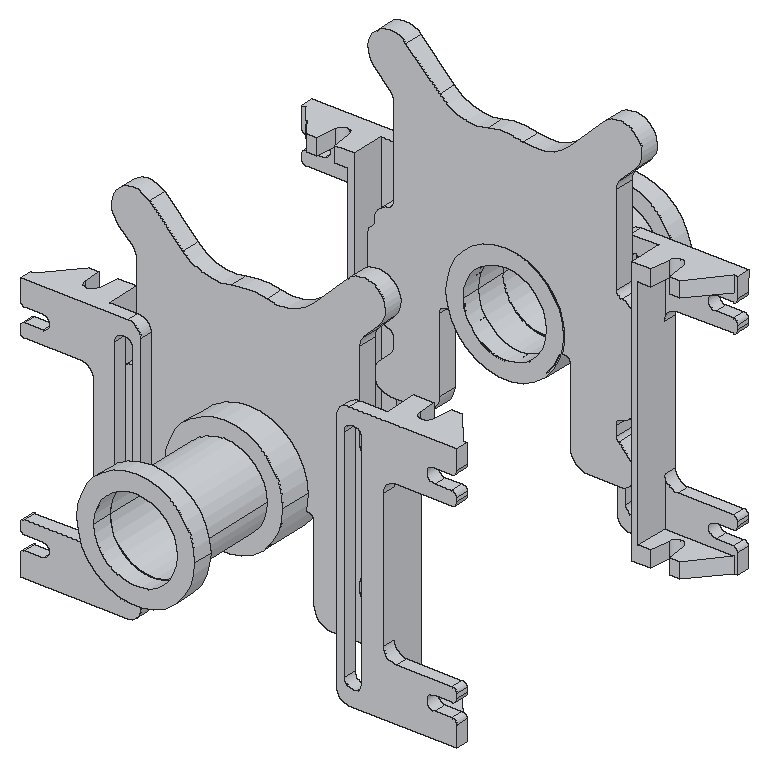
Revit family "Zurn Carrier - ZN1201-ND4", category Plumbing Fixtures, host Face, Revit 2017
Family settings
  Host = Face
  Round Connector Dimension = Use Diameter
  Part Type = Normal
  Cut with Voids When Loaded = No
  Shared = No
  Room Calculation Point = No
Parameters
  Default Elevation = 4' - 0"
  A [instance] = 0' - 4"
Reference planes (in)
  plane 1 "Center (Front/Back)": y = 0
  plane 2: z = 0
  plane 3 "Center (Left/Right)": x = 0
  plane 4: through (-6.93052, -180, 3.67931) normal (0.0156, 0, -0.9999)
  plane 5: through (-6.96956, -180, -0.32179) normal (0.0156, 0, -0.9999)
Dimensions and locks (in)
  "A": plane 5 to plane 4
  "A": import instance to plane 5
  aligned and locked: plane 2 to host face
  aligned and locked: level to host face
Automatic sketch dimensions
  host sketch curve to host sketch curve = 8' - 0"  (x2)
Nested families (in)
  nested 1: "Legs" at (0, 0, 0), type "Legs"
  nested 2: "Inlet" at (0, 0, 0), type "Inlet"
Connectors (in)
  piping at (3.13553, 5.75, 3.83762), diameter 4
    settings: on import instance, index 1, connector inside diameter 24", connector length 0' - 0", flow factor 0, pipe flow 0 GPM, pressure drop 0.00 psi, fitting loss kfactor 0, connector angle 0.00°, fixture units 0, engagement length 0' - 0", angle of deflection 0.00°, flow configuration 0, flow direction 1, fitting loss method 0, system type 16, joint type 0, gender type 0, connector reference index -1, connector utility 0, adjustable connector no, is connector primary yes, connector description ""
  piping at (-2.33595, 5.75, 7.7511), diameter 2
    settings: on import instance, index 2, connector inside diameter 24", connector length 0' - 0", flow factor 0, pipe flow 0 GPM, pressure drop 0.00 psi, fitting loss kfactor 0, connector angle 0.00°, fixture units 0, engagement length 0' - 0", angle of deflection 0.00°, flow configuration 0, flow direction 2, fitting loss method 0, system type 17, joint type 0, gender type 0, connector reference index -1, connector utility 0, adjustable connector no, is connector primary no, connector description ""
  piping at (-9.04896, 5.75, 3.64621), diameter 4
    settings: on import instance, index 3, connector inside diameter 24", connector length 0' - 0", flow factor 0, pipe flow 0 GPM, pressure drop 0.00 psi, fitting loss kfactor 0, connector angle 0.00°, fixture units 0, engagement length 0' - 0", angle of deflection 0.00°, flow configuration 0, flow direction 2, fitting loss method 0, system type 16, joint type 0, gender type 0, connector reference index -1, connector utility 0, adjustable connector no, is connector primary no, connector description ""
Definition of nested family "Legs"
  Parameters (values of type "Legs")
    Default Elevation = 4' - 0"
  Reference planes (in)
    plane 1 "Center (Front/Back)": y = 0
    plane 2: z = 0
    plane 3 "Center (Left/Right)": x = 0
  Forms (in)
    Extrusion 1, solid
      sketch origin (0, 0, 0) x (1, 0, 0) y (0, 1, 0)
        loop
          line (-48, 48) -> (-48, -48) -> (48, -48) -> (48, 48) -> (-48, 48)
      from 0 to -12
    Extrusion 2, solid
      sketch origin (0, 9.7656, 0) x (1, 0, 0) y (0, 1, 0)
        loop
          line (-8.5625, -10.8437) -> (-8.5625, -11.1562) -> (-5.4375, -11.1562) -> (-5.4375, -10.6562) -> (-5.4375, -9.3437) -> (-6.20315, -9.3437) -> (-6.28271, -10.12229)
          arc (-6.28271, -10.12229) -> (-6.5625, -10.40208) -> (-6.84229, -10.12229) r 0.27979
          line (-6.84229, -10.12229) -> (-6.92185, -9.3437) -> (-7.3125, -9.3437) -> (-8.5625, -10.8437)
      from 0 to 0.625
    Extrusion 3, solid
      sketch origin (0, -1.1406, 0) x (-1, 0, 0) y (0, 0, -1)
        loop
          arc (4.15625, -9.5625) -> (4.5, -9.90625) -> (4.84375, -9.5625) r 0.34375
          line (4.84375, -9.5625) -> (4.84375, -0.9375)
          arc (4.84375, -0.9375) -> (4.5, -0.59375) -> (4.15625, -0.9375) r 0.34375
          line (4.15625, -0.9375) -> (4.15625, -9.5625)
        loop
          arc (3.84375, -10) -> (3.9902, -10.35355) -> (4.34375, -10.5) r 0.5
          line (4.34375, -10.5) -> (8.5625, -10.5) -> (8.5625, -9.71875)
          arc (8.5625, -9.71875) -> (8.50758, -9.58617) -> (8.375, -9.53125) r 0.1875
          line (8.375, -9.53125) -> (7.6875, -9.53125)
          arc (7.6875, -9.53125) -> (7.40625, -9.25) -> (7.6875, -8.96875) r 0.28125
          line (7.6875, -8.96875) -> (8.375, -8.96875)
          arc (8.375, -8.96875) -> (8.50758, -8.91383) -> (8.5625, -8.78125) r 0.1875
          line (8.5625, -8.78125) -> (8.5625, -8.625)
          arc (8.5625, -8.625) -> (8.50758, -8.49242) -> (8.375, -8.4375) r 0.1875
          line (8.375, -8.4375) -> (6.1875, -8.4375)
          arc (6.1875, -8.4375) -> (5.83395, -8.29105) -> (5.6875, -7.9375) r 0.5
          line (5.6875, -7.9375) -> (5.6875, -3.41783) -> (5.6875, -2.5625)
          arc (5.6875, -2.5625) -> (5.83395, -2.20895) -> (6.1875, -2.0625) r 0.5
          line (6.1875, -2.0625) -> (8.375, -2.0625)
          arc (8.375, -2.0625) -> (8.50758, -2.00758) -> (8.5625, -1.875) r 0.1875
          line (8.5625, -1.875) -> (8.5625, -1.71875)
          arc (8.5625, -1.71875) -> (8.50758, -1.58617) -> (8.375, -1.53125) r 0.1875
          line (8.375, -1.53125) -> (7.6875, -1.53125)
          arc (7.6875, -1.53125) -> (7.40625, -1.25) -> (7.6875, -0.96875) r 0.28125
          line (7.6875, -0.96875) -> (8.375, -0.96875)
          arc (8.375, -0.96875) -> (8.50758, -0.91383) -> (8.5625, -0.78125) r 0.1875
          line (8.5625, -0.78125) -> (8.5625, 0) -> (4.34375, 0)
          arc (4.34375, 0) -> (3.9902, -0.14645) -> (3.84375, -0.5) r 0.5
          line (3.84375, -0.5) -> (3.84375, -10)
      from -0.25 to 0.25
    Extrusion 4, solid
      sketch origin (0, 9.7656, 9.875) x (0, -1, 0) y (1, 0, 0)
        loop
          line (10.8437, -8.5625) -> (11.1562, -8.5625) -> (11.1562, -5.4375) -> (10.6562, -5.4375) -> (9.3437, -5.4375) -> (9.3437, -6.20315) -> (10.12229, -6.28271)
          arc (10.12229, -6.28271) -> (10.40208, -6.5625) -> (10.12229, -6.84229) r 0.27979
          line (10.12229, -6.84229) -> (9.3437, -6.92185) -> (9.3437, -7.3125) -> (10.8437, -8.5625)
      from 0 to 0.625
    Extrusion 5, solid
      sketch origin (0, 9.7656, 0) x (1, 0, 0) y (0, 0, -1)
        loop
          line (-5.4375, -9.875) -> (-5.4375, -0.625) -> (-5.6875, -0.625) -> (-5.6875, -9.875) -> (-5.4375, -9.875)
      from -10.6562 to -9.3437
    Extrusion 6, solid
      sketch origin (0, 9.7656, 0) x (-1, 0, 0) y (0, -1, 0)
        loop
          line (-8.5625, 10.8437) -> (-7.3125, 9.3437) -> (-6.92185, 9.3437) -> (-6.84229, 10.12229)
          arc (-6.84229, 10.12229) -> (-6.5625, 10.40208) -> (-6.28271, 10.12229) r 0.27979
          line (-6.28271, 10.12229) -> (-6.20315, 9.3437) -> (-5.4375, 9.3437) -> (-5.4375, 10.6562) -> (-5.4375, 11.1562) -> (-8.5625, 11.1562) -> (-8.5625, 10.8437)
      from 0 to 0.625
    Extrusion 7, solid
      sketch origin (0, -1.1406, 0) x (1, 0, 0) y (0, 0, 1)
        loop
          line (4.15625, 9.5625) -> (4.15625, 0.9375)
          arc (4.15625, 0.9375) -> (4.5, 0.59375) -> (4.84375, 0.9375) r 0.34375
          line (4.84375, 0.9375) -> (4.84375, 9.5625)
          arc (4.84375, 9.5625) -> (4.5, 9.90625) -> (4.15625, 9.5625) r 0.34375
        loop
          line (3.84375, 10) -> (3.84375, 0.5)
          arc (3.84375, 0.5) -> (3.9902, 0.14645) -> (4.34375, 0) r 0.5
          line (4.34375, 0) -> (8.5625, 0) -> (8.5625, 0.78125)
          arc (8.5625, 0.78125) -> (8.50758, 0.91383) -> (8.375, 0.96875) r 0.1875
          line (8.375, 0.96875) -> (7.6875, 0.96875)
          arc (7.6875, 0.96875) -> (7.40625, 1.25) -> (7.6875, 1.53125) r 0.28125
          line (7.6875, 1.53125) -> (8.375, 1.53125)
          arc (8.375, 1.53125) -> (8.50758, 1.58617) -> (8.5625, 1.71875) r 0.1875
          line (8.5625, 1.71875) -> (8.5625, 1.875)
          arc (8.5625, 1.875) -> (8.50758, 2.00758) -> (8.375, 2.0625) r 0.1875
          line (8.375, 2.0625) -> (6.1875, 2.0625)
          arc (6.1875, 2.0625) -> (5.83395, 2.20895) -> (5.6875, 2.5625) r 0.5
          line (5.6875, 2.5625) -> (5.6875, 3.41783) -> (5.6875, 7.9375)
          arc (5.6875, 7.9375) -> (5.83395, 8.29105) -> (6.1875, 8.4375) r 0.5
          line (6.1875, 8.4375) -> (8.375, 8.4375)
          arc (8.375, 8.4375) -> (8.50758, 8.49242) -> (8.5625, 8.625) r 0.1875
          line (8.5625, 8.625) -> (8.5625, 8.78125)
          arc (8.5625, 8.78125) -> (8.50758, 8.91383) -> (8.375, 8.96875) r 0.1875
          line (8.375, 8.96875) -> (7.6875, 8.96875)
          arc (7.6875, 8.96875) -> (7.40625, 9.25) -> (7.6875, 9.53125) r 0.28125
          line (7.6875, 9.53125) -> (8.375, 9.53125)
          arc (8.375, 9.53125) -> (8.50758, 9.58617) -> (8.5625, 9.71875) r 0.1875
          line (8.5625, 9.71875) -> (8.5625, 10.5) -> (4.34375, 10.5)
          arc (4.34375, 10.5) -> (3.9902, 10.35355) -> (3.84375, 10) r 0.5
      from -0.25 to 0.25
    Extrusion 8, solid
      sketch origin (0, 9.7656, 9.875) x (0, 1, 0) y (-1, 0, 0)
        loop
          line (-10.8437, -8.5625) -> (-9.3437, -7.3125) -> (-9.3437, -6.92185) -> (-10.12229, -6.84229)
          arc (-10.12229, -6.84229) -> (-10.40208, -6.5625) -> (-10.12229, -6.28271) r 0.27979
          line (-10.12229, -6.28271) -> (-9.3437, -6.20315) -> (-9.3437, -5.4375) -> (-10.6562, -5.4375) -> (-11.1562, -5.4375) -> (-11.1562, -8.5625) -> (-10.8437, -8.5625)
      from 0 to 0.625
    Extrusion 9, solid
      sketch origin (0, 9.7656, 0) x (-1, 0, 0) y (0, 0, 1)
        loop
          line (-5.4375, 9.875) -> (-5.6875, 9.875) -> (-5.6875, 0.625) -> (-5.4375, 0.625) -> (-5.4375, 9.875)
      from -10.6562 to -9.3437
    Extrusion 10, solid
      sketch origin (0, 1.75, 0) x (1, 0, 0) y (0, 1, 0)
        loop
          line (-8.5625, 10.8437) -> (-7.3125, 9.3437) -> (-6.92185, 9.3437) -> (-6.84229, 10.12229)
          arc (-6.84229, 10.12229) -> (-6.5625, 10.40208) -> (-6.28271, 10.12229) r 0.27979
          line (-6.28271, 10.12229) -> (-6.20315, 9.3437) -> (-5.4375, 9.3437) -> (-5.4375, 10.6562) -> (-5.4375, 11.1562) -> (-8.5625, 11.1562) -> (-8.5625, 10.8437)
      from 0 to 0.625
    Extrusion 11, solid
      sketch origin (0, 12.6562, 0) x (-1, 0, 0) y (0, 0, 1)
        loop
          line (4.15625, 9.5625) -> (4.15625, 0.9375)
          arc (4.15625, 0.9375) -> (4.5, 0.59375) -> (4.84375, 0.9375) r 0.34375
          line (4.84375, 0.9375) -> (4.84375, 9.5625)
          arc (4.84375, 9.5625) -> (4.5, 9.90625) -> (4.15625, 9.5625) r 0.34375
        loop
          line (3.84375, 10) -> (3.84375, 0.5)
          arc (3.84375, 0.5) -> (3.9902, 0.14645) -> (4.34375, 0) r 0.5
          line (4.34375, 0) -> (8.5625, 0) -> (8.5625, 0.78125)
          arc (8.5625, 0.78125) -> (8.50758, 0.91383) -> (8.375, 0.96875) r 0.1875
          line (8.375, 0.96875) -> (7.6875, 0.96875)
          arc (7.6875, 0.96875) -> (7.40625, 1.25) -> (7.6875, 1.53125) r 0.28125
          line (7.6875, 1.53125) -> (8.375, 1.53125)
          arc (8.375, 1.53125) -> (8.50758, 1.58617) -> (8.5625, 1.71875) r 0.1875
          line (8.5625, 1.71875) -> (8.5625, 1.875)
          arc (8.5625, 1.875) -> (8.50758, 2.00758) -> (8.375, 2.0625) r 0.1875
          line (8.375, 2.0625) -> (6.1875, 2.0625)
          arc (6.1875, 2.0625) -> (5.83395, 2.20895) -> (5.6875, 2.5625) r 0.5
          line (5.6875, 2.5625) -> (5.6875, 3.41783) -> (5.6875, 7.9375)
          arc (5.6875, 7.9375) -> (5.83395, 8.29105) -> (6.1875, 8.4375) r 0.5
          line (6.1875, 8.4375) -> (8.375, 8.4375)
          arc (8.375, 8.4375) -> (8.50758, 8.49242) -> (8.5625, 8.625) r 0.1875
          line (8.5625, 8.625) -> (8.5625, 8.78125)
          arc (8.5625, 8.78125) -> (8.50758, 8.91383) -> (8.375, 8.96875) r 0.1875
          line (8.375, 8.96875) -> (7.6875, 8.96875)
          arc (7.6875, 8.96875) -> (7.40625, 9.25) -> (7.6875, 9.53125) r 0.28125
          line (7.6875, 9.53125) -> (8.375, 9.53125)
          arc (8.375, 9.53125) -> (8.50758, 9.58617) -> (8.5625, 9.71875) r 0.1875
          line (8.5625, 9.71875) -> (8.5625, 10.5) -> (4.34375, 10.5)
          arc (4.34375, 10.5) -> (3.9902, 10.35355) -> (3.84375, 10) r 0.5
      from -0.25 to 0.25
    Extrusion 12, solid
      sketch origin (0, 1.75, 9.875) x (0, -1, 0) y (1, 0, 0)
        loop
          line (-10.8437, -8.5625) -> (-9.3437, -7.3125) -> (-9.3437, -6.92185) -> (-10.12229, -6.84229)
          arc (-10.12229, -6.84229) -> (-10.40208, -6.5625) -> (-10.12229, -6.28271) r 0.27979
          line (-10.12229, -6.28271) -> (-9.3437, -6.20315) -> (-9.3437, -5.4375) -> (-10.6562, -5.4375) -> (-11.1562, -5.4375) -> (-11.1562, -8.5625) -> (-10.8437, -8.5625)
      from 0 to 0.625
    Extrusion 13, solid
      sketch origin (0, 1.75, 0) x (1, 0, 0) y (0, 0, 1)
        loop
          line (-5.4375, 9.875) -> (-5.6875, 9.875) -> (-5.6875, 0.625) -> (-5.4375, 0.625) -> (-5.4375, 9.875)
      from -10.6562 to -9.3437
    Extrusion 14, solid
      sketch origin (0, 1.75, 0) x (-1, 0, 0) y (0, -1, 0)
        loop
          line (-8.5625, -10.8437) -> (-8.5625, -11.1562) -> (-5.4375, -11.1562) -> (-5.4375, -10.6562) -> (-5.4375, -9.3437) -> (-6.20315, -9.3437) -> (-6.28271, -10.12229)
          arc (-6.28271, -10.12229) -> (-6.5625, -10.40208) -> (-6.84229, -10.12229) r 0.27979
          line (-6.84229, -10.12229) -> (-6.92185, -9.3437) -> (-7.3125, -9.3437) -> (-8.5625, -10.8437)
      from 0 to 0.625
    Extrusion 15, solid
      sketch origin (0, 12.6562, 0) x (1, 0, 0) y (0, 0, -1)
        loop
          arc (4.15625, -9.5625) -> (4.5, -9.90625) -> (4.84375, -9.5625) r 0.34375
          line (4.84375, -9.5625) -> (4.84375, -0.9375)
          arc (4.84375, -0.9375) -> (4.5, -0.59375) -> (4.15625, -0.9375) r 0.34375
          line (4.15625, -0.9375) -> (4.15625, -9.5625)
        loop
          arc (3.84375, -10) -> (3.9902, -10.35355) -> (4.34375, -10.5) r 0.5
          line (4.34375, -10.5) -> (8.5625, -10.5) -> (8.5625, -9.71875)
          arc (8.5625, -9.71875) -> (8.50758, -9.58617) -> (8.375, -9.53125) r 0.1875
          line (8.375, -9.53125) -> (7.6875, -9.53125)
          arc (7.6875, -9.53125) -> (7.40625, -9.25) -> (7.6875, -8.96875) r 0.28125
          line (7.6875, -8.96875) -> (8.375, -8.96875)
          arc (8.375, -8.96875) -> (8.50758, -8.91383) -> (8.5625, -8.78125) r 0.1875
          line (8.5625, -8.78125) -> (8.5625, -8.625)
          arc (8.5625, -8.625) -> (8.50758, -8.49242) -> (8.375, -8.4375) r 0.1875
          line (8.375, -8.4375) -> (6.1875, -8.4375)
          arc (6.1875, -8.4375) -> (5.83395, -8.29105) -> (5.6875, -7.9375) r 0.5
          line (5.6875, -7.9375) -> (5.6875, -3.41783) -> (5.6875, -2.5625)
          arc (5.6875, -2.5625) -> (5.83395, -2.20895) -> (6.1875, -2.0625) r 0.5
          line (6.1875, -2.0625) -> (8.375, -2.0625)
          arc (8.375, -2.0625) -> (8.50758, -2.00758) -> (8.5625, -1.875) r 0.1875
          line (8.5625, -1.875) -> (8.5625, -1.71875)
          arc (8.5625, -1.71875) -> (8.50758, -1.58617) -> (8.375, -1.53125) r 0.1875
          line (8.375, -1.53125) -> (7.6875, -1.53125)
          arc (7.6875, -1.53125) -> (7.40625, -1.25) -> (7.6875, -0.96875) r 0.28125
          line (7.6875, -0.96875) -> (8.375, -0.96875)
          arc (8.375, -0.96875) -> (8.50758, -0.91383) -> (8.5625, -0.78125) r 0.1875
          line (8.5625, -0.78125) -> (8.5625, 0) -> (4.34375, 0)
          arc (4.34375, 0) -> (3.9902, -0.14645) -> (3.84375, -0.5) r 0.5
          line (3.84375, -0.5) -> (3.84375, -10)
      from -0.25 to 0.25
    Extrusion 16, solid
      sketch origin (0, 1.75, 9.875) x (0, 1, 0) y (-1, 0, 0)
        loop
          line (10.8437, -8.5625) -> (11.1562, -8.5625) -> (11.1562, -5.4375) -> (10.6562, -5.4375) -> (9.3437, -5.4375) -> (9.3437, -6.20315) -> (10.12229, -6.28271)
          arc (10.12229, -6.28271) -> (10.40208, -6.5625) -> (10.12229, -6.84229) r 0.27979
          line (10.12229, -6.84229) -> (9.3437, -6.92185) -> (9.3437, -7.3125) -> (10.8437, -8.5625)
      from 0 to 0.625
    Extrusion 17, solid
      sketch origin (0, 1.75, 0) x (-1, 0, 0) y (0, 0, -1)
        loop
          line (-5.4375, -9.875) -> (-5.4375, -0.625) -> (-5.6875, -0.625) -> (-5.6875, -9.875) -> (-5.4375, -9.875)
      from -10.6562 to -9.3437
  Cuts and joins
    joined: Extrusion 2, Extrusion 3, Extrusion 4, Extrusion 5
    joined: Extrusion 6, Extrusion 7, Extrusion 8, Extrusion 9
    joined: Extrusion 14, Extrusion 15, Extrusion 16, Extrusion 17
    joined: Extrusion 10, Extrusion 11, Extrusion 12, Extrusion 13
  Dimensions and locks (in)
    aligned and locked: plane 2 to Extrusion 1
    aligned and locked: level to Extrusion 1
Definition of nested family "Inlet"
  Parameters (values of type "Inlet")
    Default Elevation = 4' - 0"
  Reference planes (in)
    plane 1 "Center (Front/Back)": y = 0
    plane 2: z = 0
    plane 3 "Center (Left/Right)": x = 0
  Forms (in)
    Extrusion 1, solid
      sketch origin (0, 0, 0) x (1, 0, 0) y (0, 1, 0)
        loop
          line (-48, 48) -> (-48, -48) -> (48, -48) -> (48, 48) -> (-48, 48)
      from 0 to -12
    Extrusion 2, solid
      sketch origin (0, 0, 0) x (1, 0, 0) y (0, 0, 1)
        loop
          line (-2.58153, 13.31897) -> (-3.88128, 14.61872)
          arc (-3.88128, 14.61872) -> (-5.11872, 14.61872) -> (-5.11872, 13.38128) r 0.875
          line (-5.11872, 13.38128) -> (-4.52145, 12.78401)
          arc (-4.52145, 12.78401) -> (-4.41306, 12.6218) -> (-4.375, 12.43046) r 0.5
          line (-4.375, 12.43046) -> (-4.375, 8.86603)
          arc (-4.375, 8.86603) -> (-4.43604, 8.70271) -> (-4.58924, 8.61947) r 0.24899
          arc (-4.58924, 8.61947) -> (-4.98827, 8.39216) -> (-5.12286, 7.95309) r 0.62251
          arc (-5.12286, 7.95309) -> (-5.15122, 7.81669) -> (-5.24877, 7.71723) r 0.24745
          arc (-5.24877, 7.71723) -> (-5.34115, 7.62562) -> (-5.375, 7.5) r 0.25003
          line (-5.375, 7.5) -> (-5.375, 5.5)
          arc (-5.375, 5.5) -> (-5.34115, 5.37438) -> (-5.24877, 5.28277) r 0.25003
          arc (-5.24877, 5.28277) -> (-5.15122, 5.18331) -> (-5.12286, 5.04691) r 0.24745
          arc (-5.12286, 5.04691) -> (-4.98827, 4.60784) -> (-4.58924, 4.38053) r 0.62251
          arc (-4.58924, 4.38053) -> (-4.43604, 4.29729) -> (-4.375, 4.13397) r 0.24899
          line (-4.375, 4.13397) -> (-4.375, 3.73744)
          arc (-4.375, 3.73744) -> (-4.39403, 3.64177) -> (-4.44822, 3.56066) r 0.25
          line (-4.44822, 3.56066) -> (-4.94194, 3.06694)
          arc (-4.94194, 3.06694) -> (-5.07742, 2.38582) -> (-4.5, 2) r 0.625
          line (-4.5, 2) -> (-3.25, 2)
          arc (-3.25, 2) -> (-2.76386, 2.20136) -> (-2.5625, 2.6875) r 0.6875
          line (-2.5625, 2.6875) -> (-2.5625, 5.63621)
          arc (-2.5625, 5.63621) -> (-2.37789, 5.87679) -> (-2.09772, 5.76074) r 0.24907
          arc (-2.09772, 5.76074) -> (0, 4.27489) -> (2.09772, 5.76074) r 2.2237
          arc (2.09772, 5.76074) -> (2.37789, 5.87679) -> (2.5625, 5.63621) r 0.24907
          line (2.5625, 5.63621) -> (2.5625, 2.6875)
          arc (2.5625, 2.6875) -> (2.76386, 2.20136) -> (3.25, 2) r 0.6875
          line (3.25, 2) -> (4.5, 2)
          arc (4.5, 2) -> (5.07742, 2.38582) -> (4.94194, 3.06694) r 0.625
          line (4.94194, 3.06694) -> (4.44822, 3.56066)
          arc (4.44822, 3.56066) -> (4.39403, 3.64177) -> (4.375, 3.73744) r 0.25
          line (4.375, 3.73744) -> (4.375, 4.13397)
          arc (4.375, 4.13397) -> (4.43604, 4.29729) -> (4.58924, 4.38053) r 0.24899
          arc (4.58924, 4.38053) -> (4.98827, 4.60784) -> (5.12286, 5.04691) r 0.62251
          arc (5.12286, 5.04691) -> (5.15122, 5.18331) -> (5.24877, 5.28277) r 0.24745
          arc (5.24877, 5.28277) -> (5.34115, 5.37438) -> (5.375, 5.5) r 0.25003
          line (5.375, 5.5) -> (5.375, 7.5)
          arc (5.375, 7.5) -> (5.34115, 7.62562) -> (5.24877, 7.71723) r 0.25003
          arc (5.24877, 7.71723) -> (5.15122, 7.81669) -> (5.12286, 7.95309) r 0.24745
          arc (5.12286, 7.95309) -> (4.98827, 8.39216) -> (4.58924, 8.61947) r 0.62251
          arc (4.58924, 8.61947) -> (4.43604, 8.70271) -> (4.375, 8.86603) r 0.24899
          line (4.375, 8.86603) -> (4.375, 12.43046)
          arc (4.375, 12.43046) -> (4.41306, 12.6218) -> (4.52145, 12.78401) r 0.5
          line (4.52145, 12.78401) -> (5.11872, 13.38128)
          arc (5.11872, 13.38128) -> (5.11872, 14.61872) -> (3.88128, 14.61872) r 0.875
          line (3.88128, 14.61872) -> (2.58153, 13.31897)
          arc (2.58153, 13.31897) -> (1.70465, 12.80693) -> (0.68932, 12.79193) r 1.99841
          arc (0.68932, 12.79193) -> (0, 12.87579) -> (-0.68932, 12.79193) r 2.87515
          arc (-0.68932, 12.79193) -> (-1.70465, 12.80693) -> (-2.58153, 13.31897) r 1.99841
      from 0.17185 to 0.8906
    Extrusion 3, solid
      sketch origin (0, 0, 0) x (1, 0, 0) y (0, 0, 1)
        loop
          circle (0, 6.5) r 2.31198
      from 5.66374 to 6.42185
    Extrusion 4, solid
      sketch origin (0, 0, 0) x (1, 0, 0) y (0, 0, 1)
        loop
          circle (0, 6.5) r 2.31198
      from 0.17185 to 2.1093
    Extrusion 5, solid
      sketch origin (0, 0, 0) x (1, 0, 0) y (0, 0, 1)
        loop
          circle (0, 6.49859) r 1.68737
      from 2.1093 to 5.66374
    Extrusion 6, void
      sketch origin (0, 0, 0) x (1, 0, 0) y (0, 0, 1)
        loop
          circle (0, 6.49859) r 1.64022
      from 0.17185 to 6.42185
    Extrusion 7, solid
      sketch origin (0, 11.5156, 0) x (1, 0, 0) y (0, 0, -1)
        loop
          arc (-2.58153, -13.31897) -> (-1.70465, -12.80693) -> (-0.68932, -12.79193) r 1.99841
          arc (-0.68932, -12.79193) -> (0, -12.87579) -> (0.68932, -12.79193) r 2.87515
          arc (0.68932, -12.79193) -> (1.70465, -12.80693) -> (2.58153, -13.31897) r 1.99841
          line (2.58153, -13.31897) -> (3.88128, -14.61872)
          arc (3.88128, -14.61872) -> (5.11872, -14.61872) -> (5.11872, -13.38128) r 0.875
          line (5.11872, -13.38128) -> (4.52145, -12.78401)
          arc (4.52145, -12.78401) -> (4.41306, -12.6218) -> (4.375, -12.43046) r 0.5
          line (4.375, -12.43046) -> (4.375, -8.86603)
          arc (4.375, -8.86603) -> (4.43604, -8.70271) -> (4.58924, -8.61947) r 0.24899
          arc (4.58924, -8.61947) -> (4.98827, -8.39216) -> (5.12286, -7.95309) r 0.62251
          arc (5.12286, -7.95309) -> (5.15122, -7.81669) -> (5.24877, -7.71723) r 0.24745
          arc (5.24877, -7.71723) -> (5.34115, -7.62562) -> (5.375, -7.5) r 0.25003
          line (5.375, -7.5) -> (5.375, -5.5)
          arc (5.375, -5.5) -> (5.34115, -5.37438) -> (5.24877, -5.28277) r 0.25003
          arc (5.24877, -5.28277) -> (5.15122, -5.18331) -> (5.12286, -5.04691) r 0.24745
          arc (5.12286, -5.04691) -> (4.98827, -4.60784) -> (4.58924, -4.38053) r 0.62251
          arc (4.58924, -4.38053) -> (4.43604, -4.29729) -> (4.375, -4.13397) r 0.24899
          line (4.375, -4.13397) -> (4.375, -3.73744)
          arc (4.375, -3.73744) -> (4.39403, -3.64177) -> (4.44822, -3.56066) r 0.25
          line (4.44822, -3.56066) -> (4.94194, -3.06694)
          arc (4.94194, -3.06694) -> (5.07742, -2.38582) -> (4.5, -2) r 0.625
          line (4.5, -2) -> (3.25, -2)
          arc (3.25, -2) -> (2.76386, -2.20136) -> (2.5625, -2.6875) r 0.6875
          line (2.5625, -2.6875) -> (2.5625, -5.63621)
          arc (2.5625, -5.63621) -> (2.37789, -5.87679) -> (2.09772, -5.76074) r 0.24907
          arc (2.09772, -5.76074) -> (0, -4.27489) -> (-2.09772, -5.76074) r 2.2237
          arc (-2.09772, -5.76074) -> (-2.37789, -5.87679) -> (-2.5625, -5.63621) r 0.24907
          line (-2.5625, -5.63621) -> (-2.5625, -2.6875)
          arc (-2.5625, -2.6875) -> (-2.76386, -2.20136) -> (-3.25, -2) r 0.6875
          line (-3.25, -2) -> (-4.5, -2)
          arc (-4.5, -2) -> (-5.07742, -2.38582) -> (-4.94194, -3.06694) r 0.625
          line (-4.94194, -3.06694) -> (-4.44822, -3.56066)
          arc (-4.44822, -3.56066) -> (-4.39403, -3.64177) -> (-4.375, -3.73744) r 0.25
          line (-4.375, -3.73744) -> (-4.375, -4.13397)
          arc (-4.375, -4.13397) -> (-4.43604, -4.29729) -> (-4.58924, -4.38053) r 0.24899
          arc (-4.58924, -4.38053) -> (-4.98827, -4.60784) -> (-5.12286, -5.04691) r 0.62251
          arc (-5.12286, -5.04691) -> (-5.15122, -5.18331) -> (-5.24877, -5.28277) r 0.24745
          arc (-5.24877, -5.28277) -> (-5.34115, -5.37438) -> (-5.375, -5.5) r 0.25003
          line (-5.375, -5.5) -> (-5.375, -7.5)
          arc (-5.375, -7.5) -> (-5.34115, -7.62562) -> (-5.24877, -7.71723) r 0.25003
          arc (-5.24877, -7.71723) -> (-5.15122, -7.81669) -> (-5.12286, -7.95309) r 0.24745
          arc (-5.12286, -7.95309) -> (-4.98827, -8.39216) -> (-4.58924, -8.61947) r 0.62251
          arc (-4.58924, -8.61947) -> (-4.43604, -8.70271) -> (-4.375, -8.86603) r 0.24899
          line (-4.375, -8.86603) -> (-4.375, -12.43046)
          arc (-4.375, -12.43046) -> (-4.41306, -12.6218) -> (-4.52145, -12.78401) r 0.5
          line (-4.52145, -12.78401) -> (-5.11872, -13.38128)
          arc (-5.11872, -13.38128) -> (-5.11872, -14.61872) -> (-3.88128, -14.61872) r 0.875
          line (-3.88128, -14.61872) -> (-2.58153, -13.31897)
      from 0.17185 to 0.8906
    Extrusion 8, solid
      sketch origin (0, 11.5156, 0) x (1, 0, 0) y (0, 0, -1)
        loop
          circle (0, -6.5) r 2.31198
      from 5.66374 to 6.42185
    Extrusion 9, solid
      sketch origin (0, 11.5156, 0) x (1, 0, 0) y (0, 0, -1)
        loop
          circle (0, -6.5) r 2.31198
      from 0.17185 to 2.1093
    Extrusion 10, solid
      sketch origin (0, 11.5156, 0) x (1, 0, 0) y (0, 0, -1)
        loop
          circle (0, -6.49859) r 1.68737
      from 2.1093 to 5.66374
    Extrusion 11, void
      sketch origin (0, 11.5156, 0) x (1, 0, 0) y (0, 0, -1)
        loop
          circle (0, -6.49859) r 1.64022
      from 0.17185 to 6.42185
  Cuts and joins
    Extrusion 6, Extrusion 11 cuts Extrusion 2
    Extrusion 6, Extrusion 11 cuts Extrusion 3
    Extrusion 6, Extrusion 11 cuts Extrusion 4
    Extrusion 6, Extrusion 11 cuts Extrusion 5
    Extrusion 11 cuts Extrusion 7
    Extrusion 11 cuts Extrusion 8
    Extrusion 11 cuts Extrusion 9
    Extrusion 11 cuts Extrusion 10
  Dimensions and locks (in)
    aligned and locked: plane 2 to Extrusion 1
    aligned and locked: level to Extrusion 1
